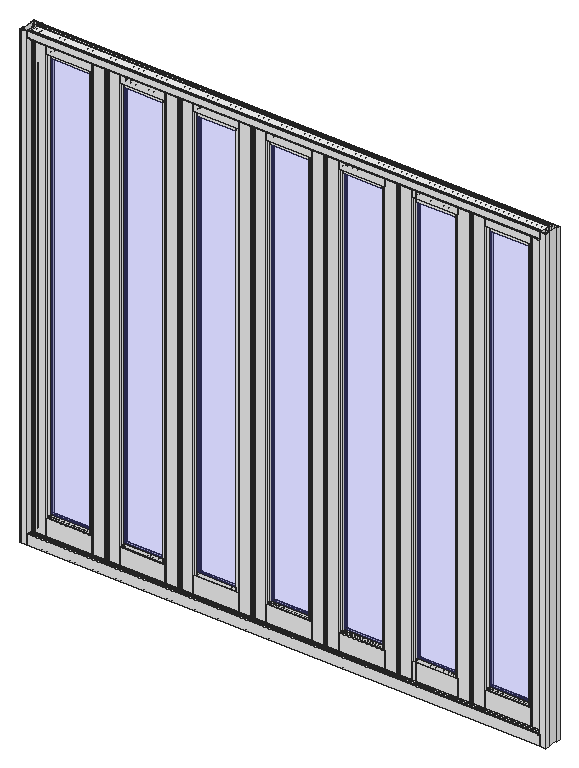
Revit family "Vistafold_Sliding_Folding_7_Custom", category Doors, host Wall, Revit 2014 (continued)
Definition of nested family "Vistafold_Sash_Insert_7_Cust"
  Definition of nested family "Vistafold_Sash_Jamb_Astragal"
    Forms (mm)
      Extrusion 1, solid, material <- "Profile Material"
        sketch origin (0, 0, 0) x (1, 0, 0) y (0, 1, 0)
          loop
            line (52.355, 21.392) -> (50.355, 21.392) -> (50.355, 79.592) -> (41.855, 79.592) -> (40.355, 79.592) -> (40.355, 78.592) -> (41.855, 78.46) -> (41.855, 76.992) -> (23.355, 76.992) -> (23.355, 78.329) -> (26.355, 78.592) -> (26.355, 79.592) -> (13.155, 79.592) -> (13.155, 90.292) -> (12.755, 91.092) -> (12.755, 93.392) -> (14.055, 93.392) -> (14.055, 94.592) -> (11.355, 94.592) -> (11.355, 79.592) -> (6.355, 79.592)
          loop
            line (8.355, 21.392) -> (48.555, 21.392) -> (48.555, 24.792) -> (45.555, 24.792) -> (45.555, 25.992) -> (48.555, 25.992) -> (48.555, 77.792) -> (43.655, 77.792) -> (43.655, 76.592)
            arc (43.655, 76.592) -> (43.245, 75.602) -> (42.255, 75.192) r 1.4
            line (42.255, 75.192) -> (22.955, 75.192)
            arc (22.955, 75.192) -> (21.965, 75.602) -> (21.555, 76.592) r 1.4
            line (21.555, 76.592) -> (21.555, 77.792) -> (8.355, 77.792) -> (8.355, 25.992) -> (11.401, 25.992) -> (11.401, 24.792) -> (8.355, 24.792) -> (8.355, 21.392)
        from 0 to 250 <- "Length Jamb"
    Dimensions and locks
      aligned and locked: level to plane 2
  Definition of nested family "Vistafold_Sash_Head"
    Parameters (values of type "Vistafold_Sash_Head")
      Profile Material [instance] = none
      Length Head [instance] = 250 mm
      Cutout Width = 15 mm  # constant formula
    Reference planes
      plane 1 "Center (Front/Back)": y = 0
      plane 2: z = 0
      plane 3 "Center (Left/Right)": x = 0
    Forms (mm)
      Extrusion 1, solid, material <- "Profile Material"
        sketch origin (0, 0, 0) x (0, 1, 0) y (0, 0, 1)
          loop
            line (69.85, 257.735) -> (68.05, 257.735) -> (68.05, 255.735) -> (64.95, 255.735) -> (64.95, 254.135) -> (68.1, 254.135) -> (68.1, 241.768) -> (67.545, 240.72) -> (67.545, 237.735) -> (28.15, 237.735) -> (28.15, 240.654) -> (27.64, 241.618) -> (27.64, 254.135) -> (30.75, 254.135) -> (30.75, 255.735) -> (27.65, 255.735) -> (27.65, 257.735) -> (25.85, 257.735) -> (25.85, 207.735) -> (30.845, 207.735) -> (30.845, 192.735) -> (33.545, 192.735) -> (33.545, 193.935) -> (32.245, 193.935) -> (32.245, 196.135) -> (32.645, 196.835) -> (32.645, 207.735) -> (45.845, 207.735) -> (45.845, 208.71) -> (42.845, 208.972) -> (42.845, 210.335) -> (61.345, 210.335) -> (61.345, 208.841) -> (59.845, 208.71) -> (59.845, 207.735) -> (69.85, 207.735) -> (69.85, 257.735)
          loop
            line (27.64, 235.935) -> (27.64, 209.535) -> (41.045, 209.535) -> (41.045, 210.735)
            arc (41.045, 210.735) -> (41.455, 211.725) -> (42.445, 212.135) r 1.4
            line (42.445, 212.135) -> (61.745, 212.135)
            arc (61.745, 212.135) -> (62.735, 211.725) -> (63.145, 210.735) r 1.4
            line (63.145, 210.735) -> (63.145, 209.535) -> (68.06, 209.535) -> (68.06, 235.935) -> (27.64, 235.935)
        from 0 to 250 <- "Length Head"
      Extrusion 2, void
        sketch origin (0, 0, 0) x (1, 0, 0) y (0, 1, 0)
          loop
            line (250, 30.845) -> (250, 33.545) -> (235, 33.545) -> (235, 30.845) -> (250, 30.845)
          loop
            line (15, 33.545) -> (0, 33.545) -> (0, 30.845) -> (15, 30.845) -> (15, 33.545)
        from 0 to 250
    Cuts and joins
      Extrusion 2 cuts Extrusion 1
    Dimensions and locks
      "Cutout Width": Extrusion 1 to Extrusion 2 sketch curve
      "Cutout Width": Extrusion 2 sketch curve to Extrusion 1
      aligned and locked: level to plane 2
      aligned and locked: Extrusion 1 to Extrusion 2 sketch curve  (x2)
      aligned and locked: Extrusion 2 sketch curve to Extrusion 1  (x4)
    Automatic sketch dimensions
      Extrusion 1 sketch curve to plane 1 "Center (Front/Back)" = 25.85 mm
      Extrusion 1 sketch curve to Extrusion 1 sketch curve = 1.79 mm
      Extrusion 1 sketch curve to Extrusion 1 sketch curve = 0 mm  (x3)
      Extrusion 1 sketch curve to Extrusion 1 sketch curve = 1.8 mm  (x3)
      Extrusion 1 sketch curve to Extrusion 1 sketch curve = 0.51 mm
      Extrusion 1 sketch curve to Extrusion 1 sketch curve = 3.11 mm
      Extrusion 1 sketch curve to Extrusion 1 sketch curve = 4.996 mm
      Extrusion 1 sketch curve to Extrusion 1 sketch curve = 1.4 mm  (x3)
      Extrusion 1 sketch curve to Extrusion 1 sketch curve = 0.4 mm  (x3)
      Extrusion 1 sketch curve to Extrusion 1 sketch curve = 1.3 mm
      Extrusion 1 sketch curve to Extrusion 1 sketch curve = 8.4 mm
      Extrusion 1 sketch curve to Extrusion 1 sketch curve = 3 mm
      Extrusion 1 sketch curve to Extrusion 1 sketch curve = 14 mm
      Extrusion 1 sketch curve to Extrusion 1 sketch curve = 1.5 mm
      Extrusion 1 sketch curve to Extrusion 1 sketch curve = 34.2 mm
      Extrusion 1 sketch curve to Extrusion 1 sketch curve = 2.596 mm
      Extrusion 1 sketch curve to Extrusion 1 sketch curve = 3.1 mm
      Extrusion 1 sketch curve to Extrusion 1 sketch curve = 4.914 mm
      Extrusion 1 sketch curve to Extrusion 1 sketch curve = 0.05 mm
      level to Extrusion 1 sketch curve = 192.735 mm
      Extrusion 1 sketch curve to Extrusion 1 sketch curve = 1.2 mm  (x2)
      Extrusion 1 sketch curve to Extrusion 1 sketch curve = 2.2 mm
      Extrusion 1 sketch curve to Extrusion 1 sketch curve = 0.7 mm
      Extrusion 1 sketch curve to Extrusion 1 sketch curve = 10.9 mm
      Extrusion 1 sketch curve to Extrusion 1 sketch curve = 0.975 mm  (x2)
      Extrusion 1 sketch curve to Extrusion 1 sketch curve = 1.106 mm
      Extrusion 1 sketch curve to Extrusion 1 sketch curve = 0.262 mm
      Extrusion 1 sketch curve to Extrusion 1 sketch curve = 0.694 mm
      Extrusion 1 sketch curve to Extrusion 1 sketch curve = 0.563 mm
      Extrusion 1 sketch curve to Extrusion 1 sketch curve = 1.363 mm
      Extrusion 1 sketch curve to Extrusion 1 sketch curve = 26.4 mm
      Extrusion 1 sketch curve to Extrusion 1 sketch curve = 2.92 mm
      Extrusion 1 sketch curve to Extrusion 1 sketch curve = 2.985 mm
      Extrusion 1 sketch curve to Extrusion 1 sketch curve = 0.963 mm
      Extrusion 1 sketch curve to Extrusion 1 sketch curve = 1.048 mm
      Extrusion 1 sketch curve to Extrusion 1 sketch curve = 12.367 mm
      Extrusion 1 sketch curve to Extrusion 1 sketch curve = 12.517 mm
      Extrusion 1 sketch curve to Extrusion 1 sketch curve = 1.6 mm  (x2)
      Extrusion 1 sketch curve to Extrusion 1 sketch curve = 2 mm  (x2)
  Definition of nested family "Vistafold_Sash_Sill"
    Parameters (values of type "Vistafold_Sash_Sill")
      Profile Material [instance] = none
      Length Sill [instance] = 250 mm
      Cutout Width = 15 mm  # constant formula
    Reference planes
      plane 1 "Center (Front/Back)": y = 0
      plane 2: z = 0
      plane 3 "Center (Left/Right)": x = 0
    Forms (mm)
      Extrusion 1, solid, material <- "Profile Material"
        sketch origin (0, 0, 0) x (0, 1, 0) y (0, 0, 1)
          loop
            line (7.791, 7.573) -> (9.591, 7.573) -> (9.591, 9.573) -> (12.691, 9.573) -> (12.691, 11.173) -> (9.581, 11.173) -> (9.581, 23.69) -> (10.091, 24.653) -> (10.091, 27.573) -> (49.486, 27.573) -> (49.486, 24.587) -> (50.041, 23.54) -> (50.041, 11.173) -> (46.891, 11.173) -> (46.891, 9.573) -> (49.991, 9.573) -> (49.991, 7.573) -> (51.791, 7.573) -> (51.791, 92.573) -> (41.786, 92.573) -> (41.786, 91.598) -> (43.286, 91.467) -> (43.286, 89.973) -> (24.786, 89.973) -> (24.786, 91.335) -> (27.786, 91.598) -> (27.786, 92.573) -> (14.586, 92.573) -> (14.586, 103.473) -> (14.186, 104.173) -> (14.186, 106.373) -> (15.486, 106.373) -> (15.486, 107.573) -> (12.786, 107.573) -> (12.786, 92.573) -> (7.791, 92.573) -> (7.791, 7.573)
          loop
            line (9.581, 90.773) -> (9.581, 29.373) -> (50, 29.373) -> (50, 90.773) -> (45.086, 90.773) -> (45.086, 89.573)
            arc (45.086, 89.573) -> (44.676, 88.583) -> (43.686, 88.173) r 1.4
            line (43.686, 88.173) -> (24.386, 88.173)
            arc (24.386, 88.173) -> (23.396, 88.583) -> (22.986, 89.573) r 1.4
            line (22.986, 89.573) -> (22.986, 90.773) -> (9.581, 90.773)
        from 0 to 250 <- "Length Sill"
      Extrusion 2, void
        sketch origin (0, 0, 0) x (1, 0, 0) y (0, 1, 0)
          loop
            line (0, 15.486) -> (0, 12.786) -> (15, 12.786) -> (15, 15.486) -> (0, 15.486)
          loop
            line (235, 15.486) -> (235, 12.786) -> (250, 12.786) -> (250, 15.486) -> (235, 15.486)
        from 0 to 250
    Cuts and joins
      Extrusion 2 cuts Extrusion 1
    Dimensions and locks
      "Cutout Width": Extrusion 1 to Extrusion 2 sketch curve
      "Cutout Width": Extrusion 2 sketch curve to Extrusion 1
      aligned and locked: level to plane 2
      aligned and locked: Extrusion 2 sketch curve to Extrusion 1  (x6)
    Automatic sketch dimensions
      Extrusion 1 sketch curve to plane 1 "Center (Front/Back)" = 7.791 mm
      Extrusion 1 sketch curve to Extrusion 1 sketch curve = 1.79 mm  (x3)
      Extrusion 1 sketch curve to Extrusion 1 sketch curve = 0.01 mm
      Extrusion 1 sketch curve to Extrusion 1 sketch curve = 0.51 mm
      Extrusion 1 sketch curve to Extrusion 1 sketch curve = 3.1 mm  (x2)
      Extrusion 1 sketch curve to plane 1 "Center (Front/Back)" = 12.786 mm
      Extrusion 1 sketch curve to Extrusion 1 sketch curve = 1.4 mm  (x3)
      Extrusion 1 sketch curve to Extrusion 1 sketch curve = 1.8 mm  (x4)
      Extrusion 1 sketch curve to Extrusion 1 sketch curve = 1.3 mm
      Extrusion 1 sketch curve to Extrusion 1 sketch curve = 8.4 mm
      Extrusion 1 sketch curve to Extrusion 1 sketch curve = 0.4 mm  (x3)
      Extrusion 1 sketch curve to Extrusion 1 sketch curve = 3 mm
      Extrusion 1 sketch curve to Extrusion 1 sketch curve = 14 mm
      Extrusion 1 sketch curve to Extrusion 1 sketch curve = 1.5 mm
      level to Extrusion 1 sketch curve = 9.573 mm
      Extrusion 1 sketch curve to Extrusion 1 sketch curve = 34.2 mm
      level to Extrusion 1 sketch curve = 24.587 mm
      Extrusion 1 sketch curve to Extrusion 1 sketch curve = 2.596 mm
      Extrusion 1 sketch curve to Extrusion 1 sketch curve = 4.914 mm
      level to Extrusion 1 sketch curve = 23.54 mm
      Extrusion 1 sketch curve to Extrusion 1 sketch curve = 0.554 mm
      level to Extrusion 1 sketch curve = 7.573 mm
      Extrusion 1 sketch curve to Extrusion 1 sketch curve = 2 mm  (x2)
      Extrusion 1 sketch curve to Extrusion 1 sketch curve = 1.6 mm  (x2)
      Extrusion 1 sketch curve to Extrusion 1 sketch curve = 12.517 mm
      Extrusion 1 sketch curve to Extrusion 1 sketch curve = 0.963 mm
      Extrusion 1 sketch curve to Extrusion 1 sketch curve = 2.92 mm
      Extrusion 1 sketch curve to Extrusion 1 sketch curve = 58.8 mm
      Extrusion 1 sketch curve to Extrusion 1 sketch curve = 1.2 mm  (x3)
      Extrusion 1 sketch curve to Extrusion 1 sketch curve = 1.363 mm
      Extrusion 1 sketch curve to Extrusion 1 sketch curve = 1.494 mm
      Extrusion 1 sketch curve to Extrusion 1 sketch curve = 0.131 mm
      Extrusion 1 sketch curve to Extrusion 1 sketch curve = 0.975 mm  (x2)
      Extrusion 1 sketch curve to Extrusion 1 sketch curve = 10.9 mm
      Extrusion 1 sketch curve to Extrusion 1 sketch curve = 0.7 mm
      Extrusion 1 sketch curve to Extrusion 1 sketch curve = 2.2 mm
  Definition of nested family "Vistafold_Angled_Glazing_Bead"
    Parameters (values of type "Vistafold_Angled_Glazing_Bead")
      Profile Material [instance] = none
      Bead Width [instance] = 1120 mm
      Bead Height [instance] = 1860 mm
    Reference planes
      plane 1 "Center (Front/Back)": y = 0
      plane 2: z = 0
      plane 3 "Center (Left/Right)": x = 0
    Forms (mm)
      Sweep 1, solid, material <- "Profile Material"
        path origin (0, 0, 0) x (1, 0, 0) y (0, 0, 1)
          loop
            line (0, 0) -> (1120, 0) -> (1120, 1860) -> (0, 1860) -> (0, 0)
        profile origin (560, 0, 0) x (0, 0, 1) y (0, -1, 0)
          loop
            line (7.999, 0.8) -> (7.999, 2.044) -> (10.199, 4.244) -> (12.521, 1.922) -> (11.399, 0.8) -> (10.599, 0.8) -> (10.599, 0) -> (14.999, 0) -> (14.999, 1) -> (0.793, 15.205) -> (0, 15.205) -> (0, 12.999) -> (-1.4, 12.999) -> (-1.4, 13.823)
            arc (-1.4, 13.823) -> (-2.107, 13.53) -> (-2.4, 12.823) r 1
            line (-2.4, 12.823) -> (-2.4, 11.899) -> (0.6, 11.899)
            arc (0.6, 11.899) -> (0.953, 12.045) -> (1.1, 12.399) r 0.5
            line (1.1, 12.399) -> (1.1, 13.343) -> (9.421, 5.022) -> (6.899, 2.5) -> (6.899, 1.1) -> (-1.6, 1.1)
            arc (-1.6, 1.1) -> (-2.165, 0.866) -> (-2.4, 0.3) r 0.8
            line (-2.4, 0.3) -> (-2.4, -2.5)
            arc (-2.4, -2.5) -> (-1.9, -3) -> (-1.4, -2.5) r 0.5
            line (-1.4, -2.5) -> (-1.4, 0) -> (8.799, 0) -> (8.799, 0.8) -> (7.999, 0.8)
    Dimensions and locks
      "Bead Width": Sweep 1 sketch curve to Sweep 1 sketch curve
      "Bead Height": Sweep 1 sketch curve to Sweep 1 sketch curve
      aligned and locked: level to plane 2
    Automatic sketch dimensions
      Sweep 1 sketch curve to plane 1 "Center (Front/Back)" = 0 mm  (x2)
      profile plane to Sweep 1 sketch curve = 0 mm
      profile plane to Sweep 1 sketch curve = 1.4 mm  (x2)
      Sweep 1 sketch curve to Sweep 1 sketch curve = 0.2 mm
      Sweep 1 sketch curve to Sweep 1 sketch curve = 0.5 mm  (x2)
      Sweep 1 sketch curve to Sweep 1 sketch curve = 1 mm  (x2)
      Sweep 1 sketch curve to profile plane = 0.6 mm
      Sweep 1 sketch curve to profile plane = 0.793 mm
      plane 1 "Center (Front/Back)" to Sweep 1 sketch curve = 1.1 mm
      Sweep 1 sketch curve to profile plane = 6.899 mm
      Sweep 1 sketch curve to Sweep 1 sketch curve = 1.1 mm
      Sweep 1 sketch curve to Sweep 1 sketch curve = 0.8 mm  (x2)
      Sweep 1 sketch curve to Sweep 1 sketch curve = 1.422 mm
      plane 1 "Center (Front/Back)" to Sweep 1 sketch curve = 4.244 mm
      Sweep 1 sketch curve to Sweep 1 sketch curve = 0.778 mm  (x2)
      Sweep 1 sketch curve to Sweep 1 sketch curve = 1.8 mm
      plane 1 "Center (Front/Back)" to Sweep 1 sketch curve = 1.922 mm
      Sweep 1 sketch curve to Sweep 1 sketch curve = 1.122 mm
      Sweep 1 sketch curve to Sweep 1 sketch curve = 2.5 mm
      plane 1 "Center (Front/Back)" to Sweep 1 sketch curve = 0.8 mm
      Sweep 1 sketch curve to Sweep 1 sketch curve = 0.456 mm
      Sweep 1 sketch curve to Sweep 1 sketch curve = 1.444 mm
      Sweep 1 sketch curve to Sweep 1 sketch curve = 0.924 mm
      Sweep 1 sketch curve to Sweep 1 sketch curve = 0.176 mm
      Sweep 1 sketch curve to Sweep 1 sketch curve = 1.862 mm
      Sweep 1 sketch curve to Sweep 1 sketch curve = 2.478 mm
      Sweep 1 sketch curve to plane 3 "Center (Left/Right)" = 0 mm
      Sweep 1 sketch curve to level = 0 mm
  Definition of nested family "Vistafold_Double_Glazing_Bead"
    Parameters (values of type "Vistafold_Double_Glazing_Bead")
      Profile Material [instance] = none
      Bead Width [instance] = 400 mm
      Bead Height [instance] = 500 mm
    Reference planes
      plane 1 "Center (Front/Back)": y = 0
      plane 2: z = 0
      plane 3 "Center (Left/Right)": x = 0
    Forms (mm)
      Sweep 1, solid, material <- "Profile Material"
        path origin (0, 0, 0) x (1, 0, 0) y (0, 0, 1)
          loop
            line (0, 0) -> (400, 0) -> (400, 500) -> (0, 500) -> (0, 0)
        profile origin (200, 0, 0) x (0, 0, 1) y (0, -1, 0)
          loop
            line (1.6, 21.9) -> (7.5, 21.9) -> (7.5, 18.8) -> (9.35, 18.8)
            arc (9.35, 18.8) -> (9.75, 19.2) -> (9.35, 19.6) r 0.4
            line (9.35, 19.6) -> (8.55, 19.6) -> (8.55, 21.9) -> (13.95, 21.9) -> (13.95, 19.6) -> (13.15, 19.6)
            arc (13.15, 19.6) -> (12.75, 19.2) -> (13.15, 18.8) r 0.4
            line (13.15, 18.8) -> (15, 18.8) -> (15, 23.5) -> (0, 23.5) -> (0, 15.9) -> (-1.387, 15.9) -> (-1.387, 16.7)
            arc (-1.387, 16.7) -> (-2.102, 16.411) -> (-2.4, 15.7) r 1
            line (-2.4, 15.7) -> (-2.4, 0.5)
            arc (-2.4, 0.5) -> (-1.9, 0) -> (-1.4, 0.5) r 0.5
            line (-1.4, 0.5) -> (-1.4, 3.5) -> (-0.4, 3.5) -> (-0.4, 14.5) -> (1.6, 14.5) -> (1.6, 21.9)
    Lines and regions (mm)
      model lines, style "GenericModel"
        curve 1: line (15, -23.5, 485) -> (15, -23.5, 500)
        curve 2: line (385, -23.5, 485) -> (385, -23.5, 500)
        curve 3: line (15, -23.5, 15) -> (15, -23.5, 0)
        curve 4: line (385, -23.5, 15) -> (385, -23.5, 0)
    Dimensions and locks
      "Bead Width": Sweep 1 sketch curve to Sweep 1 sketch curve
      "Bead Height": Sweep 1 sketch curve to Sweep 1 sketch curve
      aligned and locked: level to plane 2
      aligned and locked: curve 4 to Sweep 1
      aligned and locked: Sweep 1 to curve 3
      aligned and locked: curve 1 to Sweep 1
      aligned and locked: Sweep 1 to curve 2
    Automatic sketch dimensions
      profile plane to Sweep 1 sketch curve = 2.4 mm
      Sweep 1 sketch curve to Sweep 1 sketch curve = 0.5 mm
      Sweep 1 sketch curve to Sweep 1 sketch curve = 1 mm  (x2)
      Sweep 1 sketch curve to Sweep 1 sketch curve = 0.012 mm
      Sweep 1 sketch curve to Sweep 1 sketch curve = 1.387 mm
      Sweep 1 sketch curve to Sweep 1 sketch curve = 1.6 mm  (x2)
      Sweep 1 sketch curve to Sweep 1 sketch curve = 5.9 mm
      Sweep 1 sketch curve to Sweep 1 sketch curve = 1.05 mm  (x2)
      Sweep 1 sketch curve to Sweep 1 sketch curve = 0.8 mm  (x2)
      Sweep 1 sketch curve to Sweep 1 sketch curve = 3.8 mm
      Sweep 1 sketch curve to Sweep 1 sketch curve = 3 mm
      Sweep 1 sketch curve to Sweep 1 sketch curve = 11 mm
      Sweep 1 sketch curve to Sweep 1 sketch curve = 1.2 mm
      Sweep 1 sketch curve to Sweep 1 sketch curve = 0.2 mm
      Sweep 1 sketch curve to Sweep 1 sketch curve = 4.3 mm
      Sweep 1 sketch curve to Sweep 1 sketch curve = 0 mm  (x2)
      Sweep 1 sketch curve to Sweep 1 sketch curve = 0.4 mm  (x2)
      Sweep 1 sketch curve to Sweep 1 sketch curve = 2.3 mm
      plane 1 "Center (Front/Back)" to Sweep 1 sketch curve = 0.5 mm
      curve 1 to Sweep 1 = 0 mm  (x2)
      curve 3 to Sweep 1 = 0 mm
      Sweep 1 to curve 3 = 0 mm
      curve 2 to Sweep 1 = 0 mm  (x2)
      curve 4 to Sweep 1 = 0 mm  (x2)
      Sweep 1 sketch curve to plane 3 "Center (Left/Right)" = 0 mm
      Sweep 1 sketch curve to level = 0 mm
Definition of nested family "Vistafold_Single_Glazing_Sliding_Folding_7_Cust"
  Parameters (values of type "Single_Glazing_Sliding_Folding")
    Right Hinged [instance] = yes
    Length Arrow Down [instance] = Length Arrow / 2  # 133.233 mm
    Left Hinged [instance] = yes
    Half Height [instance] = Glazing Height / 2  # 750 mm
    Glazing Width [instance] = 900 mm
    Glazing Height [instance] = 1500 mm
    Right Sliding Folding [instance] = yes
    Length Arrow Tip [instance] = if((Glazing Height - (2 * 50.3 mm)) / 8 > Length Arrow / 3.3, Length Arrow / 3.3, (Glazing Height - (2 * 50.3 mm)) / 8)  # 80.747 mm
    Length Arrow [instance] = (Glazing Width - (2 * 50.3 mm)) / 3  # 266.467 mm
    Left Sliding Folding [instance] = yes
    Is Sliding Folding [instance] = if(or(Right Sliding Folding, Left Sliding Folding), 1 = 1, 1 = 2)  # yes
    Glazing Thickness SG [instance] = 4 mm
    Glazing Material [instance] = Glass
    Glazing Bead Gap = 19.1 mm  # constant formula
    Double Glazing Gasket Material [instance] = none
    Arrow Tip Length [instance] = if((Glazing Height - (2 * 50.3 mm)) / 8 > Length Arrow / 3.3, Length Arrow / 3.3, (Glazing Height - (2 * 50.3 mm)) / 8)  # 80.747 mm
    Arrow Left Gap [instance] = (Glazing Width - Length Arrow) / 2  # 316.767 mm
    Arrow Bottom Gap [instance] = (Glazing Height / 2) + (Length Arrow Down / 2)  # 816.617 mm
  Reference planes
    plane 1 "Center (Front/Back)": y = 0
    plane 2: z = 0
    plane 3 "Center (Left/Right)": x = 0
  Forms (mm)
    Extrusion 1, solid, material "Glass" <- "Glazing Material"
      sketch origin (0, 0, 0) x (1, 0, 0) y (0, 0, 1)
        loop
          line (0, 0) -> (0, 1500) -> (-900, 1500) -> (-900, 0) -> (0, 0)
      from 0 to 4 <- "Glazing Thickness SG"
  Lines and regions (mm)
    model lines, style "GenericModelHiddenLines", visible <- "Left Hinged"
      curve 1: line (-880.9, -4, 1480.9) -> (-19.1, -4, 750)
      curve 2: line (-19.1, -4, 750) -> (-880.9, -4, 19.1)
    model lines, style "GenericModelHiddenLines", visible <- "Right Hinged"
      curve 3: line (-19.1, -4, 1480.9) -> (-880.9, -4, 750)
      curve 4: line (-880.9, -4, 750) -> (-19.1, -4, 19.1)
    model lines, style "GenericModel", visible <- "Left Sliding Folding"
      curve 5: line (-583.233, -4, 735.869) -> (-583.233, -4, 816.617)
      curve 6: line (-583.233, -4, 816.617) -> (-502.486, -4, 816.617)
    model lines, style "GenericModel", visible <- "Right Sliding Folding"
      curve 7: line (-397.514, -4, 816.617) -> (-316.767, -4, 816.617)
      curve 8: line (-316.767, -4, 816.617) -> (-316.767, -4, 735.869)
    model lines, style "GenericModel", visible <- "Is Sliding Folding"
      curve 9: line (-583.233, -4, 816.617) -> (-450, -4, 683.383)
      curve 10: line (-450, -4, 683.383) -> (-316.767, -4, 816.617)
  Dimensions and locks
    "Glazing Width": plane 3 "Center (Left/Right)" to Extrusion 1 sketch curve
    "Glazing Height": Extrusion 1 sketch curve to level
    "Glazing Bead Gap": curve 2 to Extrusion 1
    "Glazing Bead Gap": Extrusion 1 to curve 2  (x2)
    "Glazing Bead Gap": Extrusion 1 to curve 4  (x2)
    "Glazing Bead Gap": curve 4 to Extrusion 1
    "Glazing Bead Gap": Extrusion 1 to curve 3  (x2)
    "Glazing Bead Gap": Extrusion 1 to curve 1  (x2)
    "Half Height": curve 4 to Extrusion 1
    "Half Height": curve 2 to Extrusion 1
    "Arrow Left Gap": Extrusion 1 to curve 5
    "Arrow Left Gap": Extrusion 1 to curve 8
    "Arrow Bottom Gap": curve 7 to Extrusion 1
    "Arrow Bottom Gap": curve 6 to Extrusion 1
    equal spacing: curve 8, curve 10, curve 5
    "Length Arrow Down": curve 6 to curve 10
    "Length Arrow Tip": curve 6 to curve 5  (x2)
    "Length Arrow Tip": curve 7 to curve 8  (x2)
    aligned and locked: level to plane 2
    aligned and locked: Extrusion 1 sketch curve to plane 3 "Center (Left/Right)"
    aligned and locked: level to Extrusion 1 sketch curve
